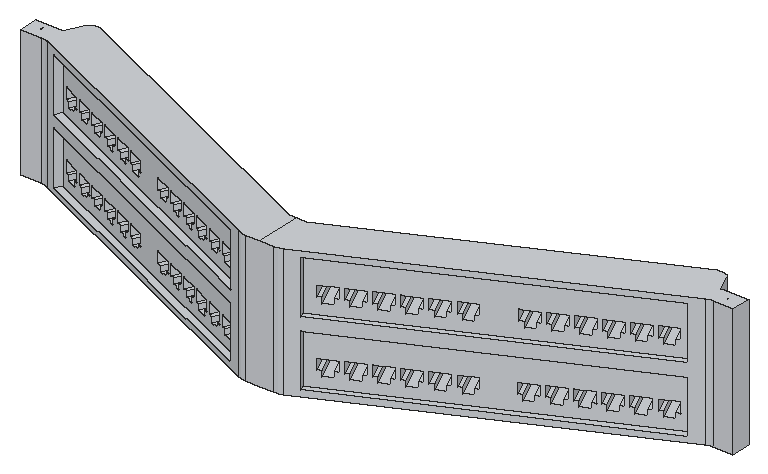
Revit family
Parameters (values of type "TEXT")
  Material ID = "760151753"
  Description = "SYSTIMAX 360 GigaSPEED XL 1100GS3 Evolve Angled U/UTP Patch Panel, 48 port"
Reference planes (in)
  plane 1 "Center (Front/Back)": y = 0
  plane 2: z = 0
  plane 3 "Center (Left/Right)": x = 0
  plane 4: x = 0
Forms (in)
  Extrusion 1, solid
    sketch origin (0, 0, 0) x (1, 0, 0) y (0, 0, 1)
      loop
        line (0, 1.72) -> (-9.5, 1.72) -> (-9.5, -1.75) -> (0, -1.75) -> (9.5, -1.75) -> (9.5, 1.72) -> (0, 1.72)
    from 0 to 5
  Extrusion 2, void
    sketch origin (0, 0, 0) x (1, 0, 0) y (0, 1, 0)
      loop
        line (0, -3.75) -> (0.22211, -3.75) -> (8.20539, -0.02733)
        arc (8.20539, -0.02733) -> (8.4054, -0.01671) -> (8.56751, -0.13432) r 0.3
        line (8.56751, -0.13432) -> (8.78, -0.59) -> (10.67789, -0.59) -> (10.67789, 1.58554) -> (-10.07211, 1.58554) -> (-10.07211, -0.59) -> (-8.78, -0.59) -> (-8.56751, -0.13432)
        arc (-8.56751, -0.13432) -> (-8.4054, -0.01671) -> (-8.20539, -0.02733) r 0.3
        line (-8.20539, -0.02733) -> (-0.22211, -3.75) -> (0, -3.75)
      loop
        line (0, -5) -> (-0.37185, -5)
        arc (-0.37185, -5) -> (-0.49223, -4.98735) -> (-0.60735, -4.94994) r 0.57899
        line (-0.60735, -4.94994) -> (-8.77297, -1.14225)
        arc (-8.77297, -1.14225) -> (-8.86654, -1.11064) -> (-8.96473, -1.1) r 0.45422
        line (-8.96473, -1.1) -> (-10.07211, -1.1) -> (-10.07211, -6.6) -> (10.67789, -6.6) -> (10.67789, -1.1) -> (8.96473, -1.1)
        arc (8.96473, -1.1) -> (8.86654, -1.11064) -> (8.77297, -1.14225) r 0.45422
        line (8.77297, -1.14225) -> (0.60735, -4.94994)
        arc (0.60735, -4.94994) -> (0.49223, -4.98735) -> (0.37185, -5) r 0.57899
        line (0.37185, -5) -> (0, -5)
    from -9.81041 to 12
  Extrusion 3, void
    sketch origin (-0.5, -5, 0) x (0.906308, -0.422618, 0) y (0, 0, -1)
      loop
        line (-8.78097, -1.575) -> (-0.48097, -1.575) -> (-0.48097, -0.145) -> (-8.78097, -0.145) -> (-8.78097, -1.575)
    from 0 to 0.2
  Extrusion 4, void
    sketch origin (-0.5, -5, 0) x (0.906308, -0.422618, 0) y (0, 0, -1)
      loop
        line (-8.58097, -0.85) -> (-8.09097, -0.85) -> (-8.09097, -0.56) -> (-8.20097, -0.56) -> (-8.20097, -0.416) -> (-8.47097, -0.416) -> (-8.47097, -0.56) -> (-8.58097, -0.56) -> (-8.58097, -0.85)
    from -6.11684 to 3.83475
  Extrusion 5, void
    sketch origin (0.5, -5, 0) x (-0.906308, -0.422618, 0) y (0, 0, 1)
      loop
        line (-8.78097, 1.575) -> (-8.78097, 0.145) -> (-0.48097, 0.145) -> (-0.48097, 1.575) -> (-8.78097, 1.575)
    from 0 to 0.2
  Extrusion 6, void
    sketch origin (0, 0, 0) x (1, 0, 0) y (0, 0, 1)
      loop
        line (-9.23838, 0.095) -> (-9.11238, 0.095)
        arc (-9.11238, 0.095) -> (-8.97238, 0.235) -> (-9.11238, 0.375) r 0.14
        line (-9.11238, 0.375) -> (-9.23838, 0.375)
        arc (-9.23838, 0.375) -> (-9.37838, 0.235) -> (-9.23838, 0.095) r 0.14
      loop
        line (-9.23838, 1.345) -> (-9.11238, 1.345)
        arc (-9.11238, 1.345) -> (-8.97238, 1.485) -> (-9.11238, 1.625) r 0.14
        line (-9.11238, 1.625) -> (-9.23838, 1.625)
        arc (-9.23838, 1.625) -> (-9.37838, 1.485) -> (-9.23838, 1.345) r 0.14
    from -1.65585 to 1.01797
  Extrusion 7, void
    sketch origin (0, 0, 0) x (-1, 0, 0) y (0, 0, -1)
      loop
        arc (-9.23838, -0.095) -> (-9.37838, -0.235) -> (-9.23838, -0.375) r 0.14
        line (-9.23838, -0.375) -> (-9.11238, -0.375)
        arc (-9.11238, -0.375) -> (-8.97238, -0.235) -> (-9.11238, -0.095) r 0.14
        line (-9.11238, -0.095) -> (-9.23838, -0.095)
      loop
        arc (-9.23838, -1.345) -> (-9.37838, -1.485) -> (-9.23838, -1.625) r 0.14
        line (-9.23838, -1.625) -> (-9.11238, -1.625)
        arc (-9.11238, -1.625) -> (-8.97238, -1.485) -> (-9.11238, -1.345) r 0.14
        line (-9.11238, -1.345) -> (-9.23838, -1.345)
    from -1.65585 to 1.01797
  Extrusion 8, void
    sketch origin (0.5, -5, -1.75) x (-0.906308, -0.422618, 0) y (0, 0, 1)
      loop
        line (-8.78097, 1.575) -> (-8.78097, 0.145) -> (-0.48097, 0.145) -> (-0.48097, 1.575) -> (-8.78097, 1.575)
    from 0 to 0.2
  Extrusion 9, void
    sketch origin (-0.5, -5, -1.75) x (0.906308, -0.422618, 0) y (0, 0, -1)
      loop
        line (-8.78097, -1.575) -> (-0.48097, -1.575) -> (-0.48097, -0.145) -> (-8.78097, -0.145) -> (-8.78097, -1.575)
    from 0 to 0.2
  Extrusion 10, void
    sketch origin (0, 0, -1.75) x (1, 0, 0) y (0, 0, 1)
      loop
        line (-9.23838, 0.095) -> (-9.11238, 0.095)
        arc (-9.11238, 0.095) -> (-8.97238, 0.235) -> (-9.11238, 0.375) r 0.14
        line (-9.11238, 0.375) -> (-9.23838, 0.375)
        arc (-9.23838, 0.375) -> (-9.37838, 0.235) -> (-9.23838, 0.095) r 0.14
      loop
        line (-9.23838, 1.345) -> (-9.11238, 1.345)
        arc (-9.11238, 1.345) -> (-8.97238, 1.485) -> (-9.11238, 1.625) r 0.14
        line (-9.11238, 1.625) -> (-9.23838, 1.625)
        arc (-9.23838, 1.625) -> (-9.37838, 1.485) -> (-9.23838, 1.345) r 0.14
    from -1.65585 to 1.01797
  Extrusion 11, void
    sketch origin (0, 0, -1.75) x (-1, 0, 0) y (0, 0, -1)
      loop
        arc (-9.23838, -0.095) -> (-9.37838, -0.235) -> (-9.23838, -0.375) r 0.14
        line (-9.23838, -0.375) -> (-9.11238, -0.375)
        arc (-9.11238, -0.375) -> (-8.97238, -0.235) -> (-9.11238, -0.095) r 0.14
        line (-9.11238, -0.095) -> (-9.23838, -0.095)
      loop
        arc (-9.23838, -1.345) -> (-9.37838, -1.485) -> (-9.23838, -1.625) r 0.14
        line (-9.23838, -1.625) -> (-9.11238, -1.625)
        arc (-9.11238, -1.625) -> (-8.97238, -1.485) -> (-9.11238, -1.345) r 0.14
        line (-9.11238, -1.345) -> (-9.23838, -1.345)
    from -1.65585 to 1.01797
  Extrusion 12, void
    sketch origin (0.04649, -5.25483, 0) x (0.906308, -0.422618, 0) y (0, 0, -1)
      loop
        line (-8.58097, -0.85) -> (-8.09097, -0.85) -> (-8.09097, -0.56) -> (-8.20097, -0.56) -> (-8.20097, -0.416) -> (-8.47097, -0.416) -> (-8.47097, -0.56) -> (-8.58097, -0.56) -> (-8.58097, -0.85)
    from -6.11684 to 3.83475
  Extrusion 13, void
    sketch origin (0.59298, -5.50967, 0) x (0.906308, -0.422618, 0) y (0, 0, -1)
      loop
        line (-8.58097, -0.85) -> (-8.09097, -0.85) -> (-8.09097, -0.56) -> (-8.20097, -0.56) -> (-8.20097, -0.416) -> (-8.47097, -0.416) -> (-8.47097, -0.56) -> (-8.58097, -0.56) -> (-8.58097, -0.85)
    from -6.11684 to 3.83475
  Extrusion 14, void
    sketch origin (1.13947, -5.7645, 0) x (0.906308, -0.422618, 0) y (0, 0, -1)
      loop
        line (-8.58097, -0.85) -> (-8.09097, -0.85) -> (-8.09097, -0.56) -> (-8.20097, -0.56) -> (-8.20097, -0.416) -> (-8.47097, -0.416) -> (-8.47097, -0.56) -> (-8.58097, -0.56) -> (-8.58097, -0.85)
    from -6.11684 to 3.83475
  Extrusion 15, void
    sketch origin (1.68596, -6.01933, 0) x (0.906308, -0.422618, 0) y (0, 0, -1)
      loop
        line (-8.58097, -0.85) -> (-8.09097, -0.85) -> (-8.09097, -0.56) -> (-8.20097, -0.56) -> (-8.20097, -0.416) -> (-8.47097, -0.416) -> (-8.47097, -0.56) -> (-8.58097, -0.56) -> (-8.58097, -0.85)
    from -6.11684 to 3.83475
  Extrusion 16, void
    sketch origin (2.23245, -6.27416, 0) x (0.906308, -0.422618, 0) y (0, 0, -1)
      loop
        line (-8.58097, -0.85) -> (-8.09097, -0.85) -> (-8.09097, -0.56) -> (-8.20097, -0.56) -> (-8.20097, -0.416) -> (-8.47097, -0.416) -> (-8.47097, -0.56) -> (-8.58097, -0.56) -> (-8.58097, -0.85)
    from -6.11684 to 3.83475
  Extrusion 17, void
    sketch origin (3.4001, -6.81865, 0) x (0.906308, -0.422618, 0) y (0, 0, -1)
      loop
        line (-8.58097, -0.85) -> (-8.09097, -0.85) -> (-8.09097, -0.56) -> (-8.20097, -0.56) -> (-8.20097, -0.416) -> (-8.47097, -0.416) -> (-8.47097, -0.56) -> (-8.58097, -0.56) -> (-8.58097, -0.85)
    from -6.11684 to 3.83475
  Extrusion 18, void
    sketch origin (3.94659, -7.07348, 0) x (0.906308, -0.422618, 0) y (0, 0, -1)
      loop
        line (-8.58097, -0.85) -> (-8.09097, -0.85) -> (-8.09097, -0.56) -> (-8.20097, -0.56) -> (-8.20097, -0.416) -> (-8.47097, -0.416) -> (-8.47097, -0.56) -> (-8.58097, -0.56) -> (-8.58097, -0.85)
    from -6.11684 to 3.83475
  Extrusion 19, void
    sketch origin (4.49308, -7.32831, 0) x (0.906308, -0.422618, 0) y (0, 0, -1)
      loop
        line (-8.58097, -0.85) -> (-8.09097, -0.85) -> (-8.09097, -0.56) -> (-8.20097, -0.56) -> (-8.20097, -0.416) -> (-8.47097, -0.416) -> (-8.47097, -0.56) -> (-8.58097, -0.56) -> (-8.58097, -0.85)
    from -6.11684 to 3.83475
  Extrusion 20, void
    sketch origin (5.03957, -7.58314, 0) x (0.906308, -0.422618, 0) y (0, 0, -1)
      loop
        line (-8.58097, -0.85) -> (-8.09097, -0.85) -> (-8.09097, -0.56) -> (-8.20097, -0.56) -> (-8.20097, -0.416) -> (-8.47097, -0.416) -> (-8.47097, -0.56) -> (-8.58097, -0.56) -> (-8.58097, -0.85)
    from -6.11684 to 3.83475
  Extrusion 21, void
    sketch origin (5.58606, -7.83798, 0) x (0.906308, -0.422618, 0) y (0, 0, -1)
      loop
        line (-8.58097, -0.85) -> (-8.09097, -0.85) -> (-8.09097, -0.56) -> (-8.20097, -0.56) -> (-8.20097, -0.416) -> (-8.47097, -0.416) -> (-8.47097, -0.56) -> (-8.58097, -0.56) -> (-8.58097, -0.85)
    from -6.11684 to 3.83475
  Extrusion 22, void
    sketch origin (6.13255, -8.09281, 0) x (0.906308, -0.422618, 0) y (0, 0, -1)
      loop
        line (-8.58097, -0.85) -> (-8.09097, -0.85) -> (-8.09097, -0.56) -> (-8.20097, -0.56) -> (-8.20097, -0.416) -> (-8.47097, -0.416) -> (-8.47097, -0.56) -> (-8.58097, -0.56) -> (-8.58097, -0.85)
    from -6.11684 to 3.83475
  Extrusion 23, void
    sketch origin (-0.5, -5, -1.75) x (0.906308, -0.422618, 0) y (0, 0, -1)
      loop
        line (-8.58097, -0.85) -> (-8.09097, -0.85) -> (-8.09097, -0.56) -> (-8.20097, -0.56) -> (-8.20097, -0.416) -> (-8.47097, -0.416) -> (-8.47097, -0.56) -> (-8.58097, -0.56) -> (-8.58097, -0.85)
    from -6.11684 to 3.83475
  Extrusion 24, void
    sketch origin (0.04649, -5.25483, -1.75) x (0.906308, -0.422618, 0) y (0, 0, -1)
      loop
        line (-8.58097, -0.85) -> (-8.09097, -0.85) -> (-8.09097, -0.56) -> (-8.20097, -0.56) -> (-8.20097, -0.416) -> (-8.47097, -0.416) -> (-8.47097, -0.56) -> (-8.58097, -0.56) -> (-8.58097, -0.85)
    from -6.11684 to 3.83475
  Extrusion 25, void
    sketch origin (0.59298, -5.50967, -1.75) x (0.906308, -0.422618, 0) y (0, 0, -1)
      loop
        line (-8.58097, -0.85) -> (-8.09097, -0.85) -> (-8.09097, -0.56) -> (-8.20097, -0.56) -> (-8.20097, -0.416) -> (-8.47097, -0.416) -> (-8.47097, -0.56) -> (-8.58097, -0.56) -> (-8.58097, -0.85)
    from -6.11684 to 3.83475
  Extrusion 26, void
    sketch origin (1.13947, -5.7645, -1.75) x (0.906308, -0.422618, 0) y (0, 0, -1)
      loop
        line (-8.58097, -0.85) -> (-8.09097, -0.85) -> (-8.09097, -0.56) -> (-8.20097, -0.56) -> (-8.20097, -0.416) -> (-8.47097, -0.416) -> (-8.47097, -0.56) -> (-8.58097, -0.56) -> (-8.58097, -0.85)
    from -6.11684 to 3.83475
  Extrusion 27, void
    sketch origin (1.68596, -6.01933, -1.75) x (0.906308, -0.422618, 0) y (0, 0, -1)
      loop
        line (-8.58097, -0.85) -> (-8.09097, -0.85) -> (-8.09097, -0.56) -> (-8.20097, -0.56) -> (-8.20097, -0.416) -> (-8.47097, -0.416) -> (-8.47097, -0.56) -> (-8.58097, -0.56) -> (-8.58097, -0.85)
    from -6.11684 to 3.83475
  Extrusion 28, void
    sketch origin (2.23245, -6.27416, -1.75) x (0.906308, -0.422618, 0) y (0, 0, -1)
      loop
        line (-8.58097, -0.85) -> (-8.09097, -0.85) -> (-8.09097, -0.56) -> (-8.20097, -0.56) -> (-8.20097, -0.416) -> (-8.47097, -0.416) -> (-8.47097, -0.56) -> (-8.58097, -0.56) -> (-8.58097, -0.85)
    from -6.11684 to 3.83475
  Extrusion 29, void
    sketch origin (3.4001, -6.81865, -1.75) x (0.906308, -0.422618, 0) y (0, 0, -1)
      loop
        line (-8.58097, -0.85) -> (-8.09097, -0.85) -> (-8.09097, -0.56) -> (-8.20097, -0.56) -> (-8.20097, -0.416) -> (-8.47097, -0.416) -> (-8.47097, -0.56) -> (-8.58097, -0.56) -> (-8.58097, -0.85)
    from -6.11684 to 3.83475
  Extrusion 30, void
    sketch origin (3.94659, -7.07348, -1.75) x (0.906308, -0.422618, 0) y (0, 0, -1)
      loop
        line (-8.58097, -0.85) -> (-8.09097, -0.85) -> (-8.09097, -0.56) -> (-8.20097, -0.56) -> (-8.20097, -0.416) -> (-8.47097, -0.416) -> (-8.47097, -0.56) -> (-8.58097, -0.56) -> (-8.58097, -0.85)
    from -6.11684 to 3.83475
  Extrusion 31, void
    sketch origin (4.49308, -7.32831, -1.75) x (0.906308, -0.422618, 0) y (0, 0, -1)
      loop
        line (-8.58097, -0.85) -> (-8.09097, -0.85) -> (-8.09097, -0.56) -> (-8.20097, -0.56) -> (-8.20097, -0.416) -> (-8.47097, -0.416) -> (-8.47097, -0.56) -> (-8.58097, -0.56) -> (-8.58097, -0.85)
    from -6.11684 to 3.83475
  Extrusion 32, void
    sketch origin (5.03957, -7.58314, -1.75) x (0.906308, -0.422618, 0) y (0, 0, -1)
      loop
        line (-8.58097, -0.85) -> (-8.09097, -0.85) -> (-8.09097, -0.56) -> (-8.20097, -0.56) -> (-8.20097, -0.416) -> (-8.47097, -0.416) -> (-8.47097, -0.56) -> (-8.58097, -0.56) -> (-8.58097, -0.85)
    from -6.11684 to 3.83475
  Extrusion 33, void
    sketch origin (5.58606, -7.83798, -1.75) x (0.906308, -0.422618, 0) y (0, 0, -1)
      loop
        line (-8.58097, -0.85) -> (-8.09097, -0.85) -> (-8.09097, -0.56) -> (-8.20097, -0.56) -> (-8.20097, -0.416) -> (-8.47097, -0.416) -> (-8.47097, -0.56) -> (-8.58097, -0.56) -> (-8.58097, -0.85)
    from -6.11684 to 3.83475
  Extrusion 34, void
    sketch origin (6.13255, -8.09281, -1.75) x (0.906308, -0.422618, 0) y (0, 0, -1)
      loop
        line (-8.58097, -0.85) -> (-8.09097, -0.85) -> (-8.09097, -0.56) -> (-8.20097, -0.56) -> (-8.20097, -0.416) -> (-8.47097, -0.416) -> (-8.47097, -0.56) -> (-8.58097, -0.56) -> (-8.58097, -0.85)
    from -6.11684 to 3.83475
  Extrusion 35, void
    sketch origin (0.5, -5, 0) x (-0.906308, -0.422618, 0) y (0, 0, 1)
      loop
        line (-8.58097, 0.85) -> (-8.58097, 0.56) -> (-8.47097, 0.56) -> (-8.47097, 0.416) -> (-8.20097, 0.416) -> (-8.20097, 0.56) -> (-8.09097, 0.56) -> (-8.09097, 0.85) -> (-8.58097, 0.85)
    from -6.11684 to 3.83475
  Extrusion 36, void
    sketch origin (0.5, -5, -1.75) x (-0.906308, -0.422618, 0) y (0, 0, 1)
      loop
        line (-8.58097, 0.85) -> (-8.58097, 0.56) -> (-8.47097, 0.56) -> (-8.47097, 0.416) -> (-8.20097, 0.416) -> (-8.20097, 0.56) -> (-8.09097, 0.56) -> (-8.09097, 0.85) -> (-8.58097, 0.85)
    from -6.11684 to 3.83475
  Extrusion 37, void
    sketch origin (-0.03996, -5.25179, 0) x (-0.906308, -0.422618, 0) y (0, 0, 1)
      loop
        line (-8.58097, 0.85) -> (-8.58097, 0.56) -> (-8.47097, 0.56) -> (-8.47097, 0.416) -> (-8.20097, 0.416) -> (-8.20097, 0.56) -> (-8.09097, 0.56) -> (-8.09097, 0.85) -> (-8.58097, 0.85)
    from -6.11684 to 3.83475
  Extrusion 38, void
    sketch origin (-0.57992, -5.50358, 0) x (-0.906308, -0.422618, 0) y (0, 0, 1)
      loop
        line (-8.58097, 0.85) -> (-8.58097, 0.56) -> (-8.47097, 0.56) -> (-8.47097, 0.416) -> (-8.20097, 0.416) -> (-8.20097, 0.56) -> (-8.09097, 0.56) -> (-8.09097, 0.85) -> (-8.58097, 0.85)
    from -6.11684 to 3.83475
  Extrusion 39, void
    sketch origin (-1.11989, -5.75537, 0) x (-0.906308, -0.422618, 0) y (0, 0, 1)
      loop
        line (-8.58097, 0.85) -> (-8.58097, 0.56) -> (-8.47097, 0.56) -> (-8.47097, 0.416) -> (-8.20097, 0.416) -> (-8.20097, 0.56) -> (-8.09097, 0.56) -> (-8.09097, 0.85) -> (-8.58097, 0.85)
    from -6.11684 to 3.83475
  Extrusion 40, void
    sketch origin (-1.65985, -6.00715, 0) x (-0.906308, -0.422618, 0) y (0, 0, 1)
      loop
        line (-8.58097, 0.85) -> (-8.58097, 0.56) -> (-8.47097, 0.56) -> (-8.47097, 0.416) -> (-8.20097, 0.416) -> (-8.20097, 0.56) -> (-8.09097, 0.56) -> (-8.09097, 0.85) -> (-8.58097, 0.85)
    from -6.11684 to 3.83475
  Extrusion 41, void
    sketch origin (-2.19981, -6.25894, 0) x (-0.906308, -0.422618, 0) y (0, 0, 1)
      loop
        line (-8.58097, 0.85) -> (-8.58097, 0.56) -> (-8.47097, 0.56) -> (-8.47097, 0.416) -> (-8.20097, 0.416) -> (-8.20097, 0.56) -> (-8.09097, 0.56) -> (-8.09097, 0.85) -> (-8.58097, 0.85)
    from -6.11684 to 3.83475
  Extrusion 42, void
    sketch origin (-0.0466, -5.25488, -1.75) x (-0.906308, -0.422618, 0) y (0, 0, 1)
      loop
        line (-8.58097, 0.85) -> (-8.58097, 0.56) -> (-8.47097, 0.56) -> (-8.47097, 0.416) -> (-8.20097, 0.416) -> (-8.20097, 0.56) -> (-8.09097, 0.56) -> (-8.09097, 0.85) -> (-8.58097, 0.85)
    from -6.11684 to 3.83475
  Extrusion 43, void
    sketch origin (-0.59321, -5.50977, -1.75) x (-0.906308, -0.422618, 0) y (0, 0, 1)
      loop
        line (-8.58097, 0.85) -> (-8.58097, 0.56) -> (-8.47097, 0.56) -> (-8.47097, 0.416) -> (-8.20097, 0.416) -> (-8.20097, 0.56) -> (-8.09097, 0.56) -> (-8.09097, 0.85) -> (-8.58097, 0.85)
    from -6.11684 to 3.83475
  Extrusion 44, void
    sketch origin (-1.13981, -5.76465, -1.75) x (-0.906308, -0.422618, 0) y (0, 0, 1)
      loop
        line (-8.58097, 0.85) -> (-8.58097, 0.56) -> (-8.47097, 0.56) -> (-8.47097, 0.416) -> (-8.20097, 0.416) -> (-8.20097, 0.56) -> (-8.09097, 0.56) -> (-8.09097, 0.85) -> (-8.58097, 0.85)
    from -6.11684 to 3.83475
  Extrusion 45, void
    sketch origin (-1.68641, -6.01954, -1.75) x (-0.906308, -0.422618, 0) y (0, 0, 1)
      loop
        line (-8.58097, 0.85) -> (-8.58097, 0.56) -> (-8.47097, 0.56) -> (-8.47097, 0.416) -> (-8.20097, 0.416) -> (-8.20097, 0.56) -> (-8.09097, 0.56) -> (-8.09097, 0.85) -> (-8.58097, 0.85)
    from -6.11684 to 3.83475
  Extrusion 46, void
    sketch origin (-2.23301, -6.27442, -1.75) x (-0.906308, -0.422618, 0) y (0, 0, 1)
      loop
        line (-8.58097, 0.85) -> (-8.58097, 0.56) -> (-8.47097, 0.56) -> (-8.47097, 0.416) -> (-8.20097, 0.416) -> (-8.20097, 0.56) -> (-8.09097, 0.56) -> (-8.09097, 0.85) -> (-8.58097, 0.85)
    from -6.11684 to 3.83475
  Extrusion 47, void
    sketch origin (-3.40084, -6.81899, -1.75) x (-0.906308, -0.422618, 0) y (0, 0, 1)
      loop
        line (-8.58097, 0.85) -> (-8.58097, 0.56) -> (-8.47097, 0.56) -> (-8.47097, 0.416) -> (-8.20097, 0.416) -> (-8.20097, 0.56) -> (-8.09097, 0.56) -> (-8.09097, 0.85) -> (-8.58097, 0.85)
    from -6.11684 to 3.83475
  Extrusion 48, void
    sketch origin (-3.94744, -7.07387, -1.75) x (-0.906308, -0.422618, 0) y (0, 0, 1)
      loop
        line (-8.58097, 0.85) -> (-8.58097, 0.56) -> (-8.47097, 0.56) -> (-8.47097, 0.416) -> (-8.20097, 0.416) -> (-8.20097, 0.56) -> (-8.09097, 0.56) -> (-8.09097, 0.85) -> (-8.58097, 0.85)
    from -6.11684 to 3.83475
  Extrusion 49, void
    sketch origin (-4.49404, -7.32876, -1.75) x (-0.906308, -0.422618, 0) y (0, 0, 1)
      loop
        line (-8.58097, 0.85) -> (-8.58097, 0.56) -> (-8.47097, 0.56) -> (-8.47097, 0.416) -> (-8.20097, 0.416) -> (-8.20097, 0.56) -> (-8.09097, 0.56) -> (-8.09097, 0.85) -> (-8.58097, 0.85)
    from -6.11684 to 3.83475
  Extrusion 50, void
    sketch origin (-5.04064, -7.58364, -1.75) x (-0.906308, -0.422618, 0) y (0, 0, 1)
      loop
        line (-8.58097, 0.85) -> (-8.58097, 0.56) -> (-8.47097, 0.56) -> (-8.47097, 0.416) -> (-8.20097, 0.416) -> (-8.20097, 0.56) -> (-8.09097, 0.56) -> (-8.09097, 0.85) -> (-8.58097, 0.85)
    from -6.11684 to 3.83475
  Extrusion 51, void
    sketch origin (-5.58725, -7.83853, -1.75) x (-0.906308, -0.422618, 0) y (0, 0, 1)
      loop
        line (-8.58097, 0.85) -> (-8.58097, 0.56) -> (-8.47097, 0.56) -> (-8.47097, 0.416) -> (-8.20097, 0.416) -> (-8.20097, 0.56) -> (-8.09097, 0.56) -> (-8.09097, 0.85) -> (-8.58097, 0.85)
    from -6.11684 to 3.83475
  Extrusion 52, void
    sketch origin (-6.13385, -8.09341, -1.75) x (-0.906308, -0.422618, 0) y (0, 0, 1)
      loop
        line (-8.58097, 0.85) -> (-8.58097, 0.56) -> (-8.47097, 0.56) -> (-8.47097, 0.416) -> (-8.20097, 0.416) -> (-8.20097, 0.56) -> (-8.09097, 0.56) -> (-8.09097, 0.85) -> (-8.58097, 0.85)
    from -6.11684 to 3.83475
  Extrusion 53, void
    sketch origin (-3.40084, -6.81899, 0) x (-0.906308, -0.422618, 0) y (0, 0, 1)
      loop
        line (-8.58097, 0.85) -> (-8.58097, 0.56) -> (-8.47097, 0.56) -> (-8.47097, 0.416) -> (-8.20097, 0.416) -> (-8.20097, 0.56) -> (-8.09097, 0.56) -> (-8.09097, 0.85) -> (-8.58097, 0.85)
    from -6.11684 to 3.83475
  Extrusion 54, void
    sketch origin (-3.94744, -7.07387, 0) x (-0.906308, -0.422618, 0) y (0, 0, 1)
      loop
        line (-8.58097, 0.85) -> (-8.58097, 0.56) -> (-8.47097, 0.56) -> (-8.47097, 0.416) -> (-8.20097, 0.416) -> (-8.20097, 0.56) -> (-8.09097, 0.56) -> (-8.09097, 0.85) -> (-8.58097, 0.85)
    from -6.11684 to 3.83475
  Extrusion 55, void
    sketch origin (-4.49404, -7.32876, 0) x (-0.906308, -0.422618, 0) y (0, 0, 1)
      loop
        line (-8.58097, 0.85) -> (-8.58097, 0.56) -> (-8.47097, 0.56) -> (-8.47097, 0.416) -> (-8.20097, 0.416) -> (-8.20097, 0.56) -> (-8.09097, 0.56) -> (-8.09097, 0.85) -> (-8.58097, 0.85)
    from -6.11684 to 3.83475
  Extrusion 56, void
    sketch origin (-5.04064, -7.58364, 0) x (-0.906308, -0.422618, 0) y (0, 0, 1)
      loop
        line (-8.58097, 0.85) -> (-8.58097, 0.56) -> (-8.47097, 0.56) -> (-8.47097, 0.416) -> (-8.20097, 0.416) -> (-8.20097, 0.56) -> (-8.09097, 0.56) -> (-8.09097, 0.85) -> (-8.58097, 0.85)
    from -6.11684 to 3.83475
  Extrusion 57, void
    sketch origin (-5.58725, -7.83853, 0) x (-0.906308, -0.422618, 0) y (0, 0, 1)
      loop
        line (-8.58097, 0.85) -> (-8.58097, 0.56) -> (-8.47097, 0.56) -> (-8.47097, 0.416) -> (-8.20097, 0.416) -> (-8.20097, 0.56) -> (-8.09097, 0.56) -> (-8.09097, 0.85) -> (-8.58097, 0.85)
    from -6.11684 to 3.83475
  Extrusion 58, void
    sketch origin (-6.13385, -8.09341, 0) x (-0.906308, -0.422618, 0) y (0, 0, 1)
      loop
        line (-8.58097, 0.85) -> (-8.58097, 0.56) -> (-8.47097, 0.56) -> (-8.47097, 0.416) -> (-8.20097, 0.416) -> (-8.20097, 0.56) -> (-8.09097, 0.56) -> (-8.09097, 0.85) -> (-8.58097, 0.85)
    from -6.11684 to 3.83475
Cuts and joins
  Extrusion 2, Extrusion 3, Extrusion 4, Extrusion 5, Extrusion 6, Extrusion 7, Extrusion 8, Extrusion 9, Extrusion 10, Extrusion 11, Extrusion 12, Extrusion 13, Extrusion 14, Extrusion 15, Extrusion 16, Extrusion 17, Extrusion 18, Extrusion 19, Extrusion 20, Extrusion 21, Extrusion 22, Extrusion 23, Extrusion 24, Extrusion 25, Extrusion 26, Extrusion 27, Extrusion 28, Extrusion 29, Extrusion 30, Extrusion 31, Extrusion 32, Extrusion 33, Extrusion 34, Extrusion 35, Extrusion 36, Extrusion 37, Extrusion 38, Extrusion 39, Extrusion 40, Extrusion 41, Extrusion 42, Extrusion 43, Extrusion 44, Extrusion 45, Extrusion 46, Extrusion 47, Extrusion 48, Extrusion 49, Extrusion 50, Extrusion 51, Extrusion 52, Extrusion 53, Extrusion 54, Extrusion 55, Extrusion 56, Extrusion 57, Extrusion 58 cuts Extrusion 1
Dimensions and locks (in)
  equal spacing: group 1, group 2, group 3, group 4, group 5, group 6  (x2)
  equal spacing: group 6, group 5, group 4, group 3, group 2, group 1
  equal spacing: group 30, group 29, group 28, group 27, group 26, group 25  (x2)
  equal spacing: group 25, group 26, group 27, group 28, group 29, group 30
  equal spacing: group 36, group 35, group 34, group 33, group 32, group 31  (x2)
  equal spacing: group 31, group 32, group 33, group 34, group 35, group 36
